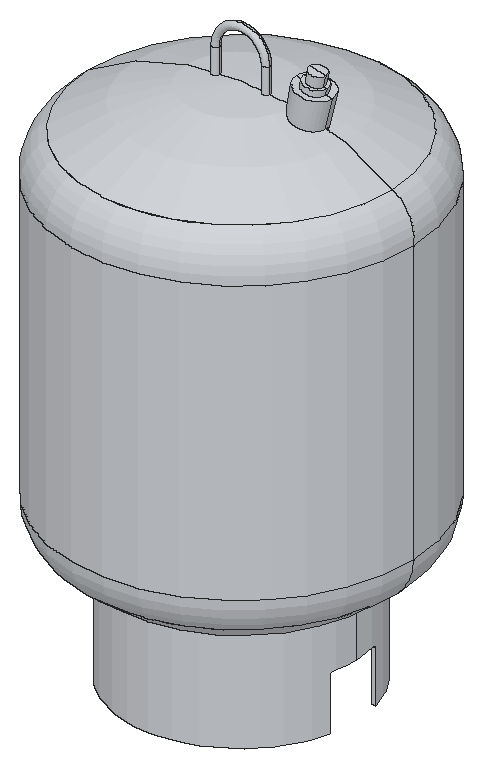
Revit family
Parameters (values of type "WX-200-L 125# W.P.")
  Weight = "198 lbs"
  Tank Volume = "53 Gal"
  Tank Height/Length = 36.969"
  Tank Diameter = 24.000"
  Shell Length = 18.563"
  Pipe Connector Diameter = Pipe Connection Radius * 2  # 1.500"
  Pipe Connection Radius = 0.750"
  Model = "WX-200-L"
  Maximum Acceptance Volume = "27 Gal"
  Max Operating Temp = "240 DEG F"
  Max Operating Pressure = "125 PSI"
  Manufacturer = "Amtrol"
  Lifting Ring Location = Shell Length / 2  # 9.2815"
  Floor to Elbow Centerline = 2.000"
  Floor to Bottom of Tank = 4.000"
  Bladder/Diaphragm = "Bladder"
  ASME = yes
Types (5): name | Weight | Tank Volume | Tank Height/Length | Shell Length | Pipe Connector Diameter | Pipe Connection Radius | Model | Maximum Acceptance Volume | Lifting Ring Location
  (no name) | "198 lbs" | "53 Gal" | 36.969" | 18.563" | 1.500" | 0.750" | "WX-200-L" | "27 Gal" | 9.2815"
  WX-200-L 125# W.P. | "198 lbs" | "53 Gal" | 36.969" | 18.563" | 1.500" | 0.750" | "WX-200-L" | "27 Gal" | 9.2815"
  WX-300-L 125# W.P. | "236 lbs" | "80 Gal" | 52.500" | 32.500" | 1.500" | 0.750" | "WX-300-L" | "27 Gal" | 16.250"
  WX-400-L 125# W.P. | "282 lbs" | "106 Gal" | 65.125" | 46.438" | 2.000" | 1.000" | "WX-400-L" | "53 Gal" | 23.219"
  WX-500-L 125# W.P. | "282 lbs" | "132 Gal" | 78.938" | 60.000" | 2.000" | 1.000" | "WX-500-L" | "53 Gal" | 30.000"
Reference planes (in)
  plane 1 "Center (Front/Back)": y = 0
  plane 2: z = 0
  plane 3 "Center (Left/Right)": x = 0
Forms (in)
  Revolve 1, solid
    sketch origin (0, 0, 0) x (1, 0, 0) y (0, 0, 1)
      loop
        line (-8, 0) -> (-7.75, 0) -> (-7.75, 7.44707) -> (-8, 7.44707) -> (-8, 0)
      axis (0, 0) -> (0, 7.44707)
    angle from 0 to 360
  Revolve 2, solid
    sketch origin (0, 0, 0) x (1, 0, 0) y (0, 0, 1)
      loop
        line (0.6492, 3.3675) -> (0.6492, 4.19707) -> (0, 4.19707) -> (0, 3.3675) -> (0.6492, 3.3675)
      axis (0, 3.3675) -> (0, 4.19707)
    angle from 0 to 360
  Extrusion 3, void
    sketch origin (0, 0, 0) x (0, 1, 0) y (0, 0, 1)
      loop
        line (0, 3.82981) -> (-1.75, 3.82981)
        arc (-1.75, 3.82981) -> (-1.92678, 3.75658) -> (-2, 3.57981) r 0.25
        line (-2, 3.57981) -> (-2, -0.1984) -> (2, -0.1984) -> (2, 3.57981)
        arc (2, 3.57981) -> (1.92678, 3.75658) -> (1.75, 3.82981) r 0.25
        line (1.75, 3.82981) -> (0, 3.82981)
    from 3.88729 to 12
  Sweep 4, solid
    path origin (0, 0, 0) x (1, 0, 0) y (0, 0, 1)
      loop
        line (0, 3.5) -> (0, 3.198)
        arc (0, 3.198) -> (0.35089, 2.35089) -> (1.198, 2) r 1.198
        line (1.198, 2) -> (1.5, 2)
    profile origin (0, 0, 3.349) x (0, -1, 0) y (1, 0, 0)
      loop
        circle (0, 0) r 1
  Revolve 5, solid
    sketch origin (0, 0, 0) x (1, 0, 0) y (0, 0, 1)
      loop
        line (0, 2.813) -> (0.65074, 2.813) -> (0.65074, 4.313) -> (0, 4.313) -> (0, 2.813)
      axis (0, 2.813) -> (0, 4.313)
    angle from 0 to 360
  Revolve 6, solid
    sketch origin (0, 0, 0) x (1, 0, 0) y (0, 0, 1)
      loop
        line (5.96437, 38.55276) -> (5.7183, 38.59615) -> (5.89974, 39.32387) -> (5.33906, 39.46367) -> (4.53454, 35.86226) -> (5.73583, 35.65044) -> (6.34064, 38.07618) -> (5.89421, 38.1549) -> (5.96437, 38.55276)
      axis (4.53454, 35.86226) -> (5.33906, 39.46367)
    angle from 0 to 360
  Sweep 7, solid
    path origin (0.0517, 0, 0.58905) x (1, 0, 0) y (0, 0, 1)
      loop
        line (-1.8017, 36.25051) -> (-1.8017, 38.00051)
        arc (-1.8017, 38.00051) -> (-0.0517, 39.75051) -> (1.6983, 38.00051) r 1.75
        line (1.6983, 38.00051) -> (1.6983, 36.25051)
    profile origin (-1.75, 0, 37.71457) x (-1, 0, 0) y (0, -1, 0)
      loop
        circle (0, 0) r 0.25
  Revolve 8, solid
    sketch origin (0, 0, 0) x (1, 0, 0) y (0, 0, 1)
      loop
        arc (12, 30.95366) -> (11.68437, 32.63964) -> (10.55443, 33.93013) r 3.25
        arc (10.55443, 33.93013) -> (5.51015, 36.25858) -> (0, 36.969) r 18.33177
        line (0, 36.969) -> (0, 4) -> (4.98897, 4) -> (4.98897, 4.49999) -> (4.4445, 4.49999) -> (4.4445, 4.6875) -> (4.98897, 4.6875) -> (4.98897, 5.87292)
        arc (4.98897, 5.87292) -> (5.12168, 5.92789) -> (5.17665, 6.06061) r 0.18768
        arc (5.17665, 6.06061) -> (8.25561, 7.15646) -> (10.94007, 9.02046) r 12.36901
        arc (10.94007, 9.02046) -> (11.72323, 10.10933) -> (12, 11.42173) r 3.25
        line (12, 11.42173) -> (12, 30.95366)
      axis (0, 4) -> (0, 36.969)
    angle from 0 to 360
  Sweep 9, solid
    path origin (0, 0, 0) x (1, 0, 0) y (0, 0, 1)
      loop
        line (-11.90274, 23.42216) -> (-12.90274, 23.42216)
        arc (-12.90274, 23.42216) -> (-14.65274, 21.67216) -> (-12.90274, 19.92216) r 1.75
        line (-12.90274, 19.92216) -> (-11.90274, 19.92216)
    profile origin (-12.40274, 0, 23.42216) x (0, 0, -1) y (0, -1, 0)
      loop
        circle (0, 0) r 0.25
Cuts and joins
  Extrusion 3 cuts Revolve 1
  Extrusion 3 cuts Revolve 2
Dimensions and locks (in)
  "Floor to Elbow Centerline": Sweep 4 sketch curve to cut or joined group of Revolve 1, Extrusion 3
  "Floor to Bottom of Tank": Revolve 8 sketch curve to cut or joined group of Revolve 1, Extrusion 3
  "Tank Height/Length": Revolve 8 sketch curve to level
  Revolve 8 sketch curve to Revolve 8 sketch curve = 15.08177"
  Revolve 6 sketch curve to Revolve 8 = 4.69679"
  Revolve 6 sketch curve to Revolve 8 = 4.90861"
  Revolve 6 sketch curve to Revolve 6 sketch curve = 2.49391"
  Revolve 6 sketch curve to Revolve 6 sketch curve = 2.89791"
  Revolve 6 sketch curve to Revolve 6 sketch curve = 3.64608"
  locked: plane 3 "Center (Left/Right)" to Sweep 7 sketch curve at 1.75
  Sweep 7 sketch curve to Revolve 8 = 5.88591"  (x2)
  "Lifting Ring Location": Revolve 8 to Sweep 9 sketch curve
  radius of Revolve 8 sketch curve = 18.33177"
  radius of Revolve 8 sketch curve = 3.250"
  aligned and locked: plane 3 "Center (Left/Right)" to import instance
  aligned and locked: plane 1 "Center (Front/Back)" to import instance
Automatic sketch dimensions
  Revolve 2 sketch curve to plane 3 "Center (Left/Right)" = 0.000"  (x2)
  plane 3 "Center (Left/Right)" to Revolve 2 sketch curve = 0.6492"
  level to Revolve 2 sketch curve = 3.3675"
  Revolve 2 sketch curve to Revolve 2 sketch curve = 0.000"
  Revolve 2 sketch curve to Revolve 2 sketch curve = 0.82957"
  Revolve 2 sketch curve to Revolve 2 sketch curve = 1.25068"
  Sweep 4 sketch curve to plane 3 "Center (Left/Right)" = 0.000"
  Sweep 4 sketch curve to Sweep 4 sketch curve = 1.198"
  Sweep 4 sketch curve to Sweep 4 sketch curve = 0.302"  (x2)
  plane 1 "Center (Front/Back)" to Sweep 4 sketch curve = 0.000"
  Sweep 4 sketch curve to profile plane = 0.000"
  Revolve 5 sketch curve to plane 3 "Center (Left/Right)" = 0.000"  (x2)
  plane 3 "Center (Left/Right)" to Revolve 5 sketch curve = 0.65074"
  level to Revolve 5 sketch curve = 2.813"
  Revolve 5 sketch curve to Revolve 5 sketch curve = 0.000"
  Revolve 5 sketch curve to Revolve 5 sketch curve = 1.500"
  Revolve 5 sketch curve to Revolve 5 sketch curve = 0.500"
  plane 3 "Center (Left/Right)" to Sweep 7 sketch curve = 0.000"
  Sweep 7 sketch curve to Sweep 7 sketch curve = 1.750"
  plane 1 "Center (Front/Back)" to Sweep 7 sketch curve = 0.000"
  Sweep 7 sketch curve to profile plane = 0.000"
  Revolve 1 sketch curve to level = 0.000"  (x2)
  Revolve 1 sketch curve to plane 3 "Center (Left/Right)" = 0.000"
  Revolve 1 sketch curve to plane 3 "Center (Left/Right)" = 7.750"
  Revolve 1 sketch curve to Revolve 1 sketch curve = 0.250"
  level to Revolve 1 sketch curve = 7.44707"
  Revolve 1 sketch curve to Revolve 1 sketch curve = 1.05293"
  Revolve 8 sketch curve to plane 3 "Center (Left/Right)" = 0.000"  (x2)
  plane 3 "Center (Left/Right)" to Revolve 8 sketch curve = 0.43805"
  Revolve 8 sketch curve to Revolve 8 sketch curve = 2.16694"
  plane 3 "Center (Left/Right)" to Revolve 8 sketch curve = 4.4445"
  Revolve 8 sketch curve to Revolve 8 sketch curve = 0.54447"
  Revolve 8 sketch curve to Revolve 8 sketch curve = 0.000"  (x3)
  Revolve 8 sketch curve to Revolve 8 sketch curve = 0.18768"
  Revolve 8 sketch curve to Revolve 8 sketch curve = 3.57335"
  plane 3 "Center (Left/Right)" to Revolve 8 sketch curve = 8.76092"
  Revolve 8 sketch curve to Revolve 8 sketch curve = 2.19007"
  Revolve 8 sketch curve to Revolve 8 sketch curve = 1.05993"
  Revolve 8 sketch curve to Revolve 8 sketch curve = 0.49999"
  Revolve 8 sketch curve to Revolve 8 sketch curve = 0.18751"
  Revolve 8 sketch curve to Revolve 8 sketch curve = 1.18542"
  Revolve 8 sketch curve to Revolve 8 sketch curve = 8.031"
  plane 3 "Center (Left/Right)" to Revolve 6 sketch curve = 4.3845"
  Revolve 6 sketch curve to Revolve 6 sketch curve = 0.15003"
  Revolve 6 sketch curve to Revolve 6 sketch curve = 0.80453"
  Revolve 6 sketch curve to Revolve 6 sketch curve = 0.19071"
  Revolve 6 sketch curve to Revolve 6 sketch curve = 0.37924"
  Revolve 6 sketch curve to Revolve 6 sketch curve = 0.17591"
  Revolve 6 sketch curve to Revolve 6 sketch curve = 0.56068"
  Revolve 6 sketch curve to Revolve 6 sketch curve = 0.24607"
  Revolve 6 sketch curve to Revolve 6 sketch curve = 0.44642"
  Revolve 6 sketch curve to Revolve 6 sketch curve = 0.4598"
  Revolve 6 sketch curve to Revolve 6 sketch curve = 0.07872"
  Revolve 6 sketch curve to Revolve 6 sketch curve = 0.85371"
  Extrusion 3 sketch curve to plane 1 "Center (Front/Back)" = 0.000"
  plane 1 "Center (Front/Back)" to Extrusion 3 sketch curve = 1.750"
  Extrusion 3 sketch curve to Extrusion 3 sketch curve = 0.250"
  Extrusion 3 sketch curve to plane 1 "Center (Front/Back)" = 1.750"
  Extrusion 3 sketch curve to level = 0.1984"
  Extrusion 3 sketch curve to plane 1 "Center (Front/Back)" = 2.000"
  level to Extrusion 3 sketch curve = 3.57981"
  Sweep 9 sketch curve to plane 3 "Center (Left/Right)" = 12.90274"
  Sweep 9 sketch curve to Sweep 9 sketch curve = 1.000"  (x2)
  Sweep 9 sketch curve to Sweep 9 sketch curve = 1.750"
  Sweep 9 sketch curve to plane 1 "Center (Front/Back)" = 0.000"
  Sweep 9 sketch curve to profile plane = 0.000"
  radius of Sweep 4 sketch curve = 1.000"
  radius of Sweep 7 sketch curve = 0.250"
  radius of Sweep 9 sketch curve = 0.250"
Connectors (in)
  piping at (1.5, 0, 2), driven by "Pipe Connection Radius"
    settings: on Sweep 4, index 1
